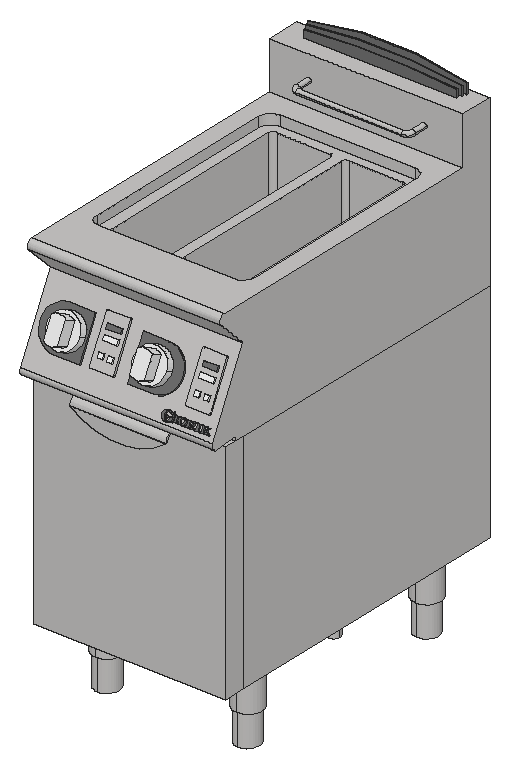
Revit family "QF_GIORIK_FE7207M", category Specialty Equipment, Revit 2014
Parameters (values of type "FE7207M")
  Weight in Pounds = 136.6864
  Watts = 14000 W
  Volts = 400 V
  URL Cutsheet = "www.giorik.com"
  URL = "www.giorik.com"
  Status [instance] = ""
  Specification by User [instance] = ""
  Specification by Manufacturer = ""
  Show Logo [instance] = yes
  Show Clearance [instance] = yes
  Serial Number = ""
  Seismic Rating = ""
  SMACNA No = ""
  Revision Code [instance] = ""
  Phase = 3
  Number of Poles [instance] = 3
  NAFEM Spec ID Number = ""
  Model = "FE7207M"
  Min Ckt Ampacity = 0 A
  Max Overcurrent Protection = 0 A
  Masterspec = ""
  Manufacturer = "GIORIK"
  Item Number [instance] = ""
  Installed By [instance] = ""
  Identify Quantity as Lot [instance] = no
  HP = "18.774280000000"
  Furnished By [instance] = ""
  Foodservice Equipment Identifier [instance] = yes
  FL Amps = 0 A
  Electrical Remarks [instance] = ""
  Electric Connection Type [instance] = ""
  Elec Conn RI Height [instance] = 0 mm
  Elec Conn Connection Height [instance] = 150 mm
  Description = "8+8 LITRE MELTING ELECTRIC FRYER."
  Cycle = 50 Hz
  Conn Plug = ""
  CSI MasterFormat = ""
  Assembly Code = "E1090320"
  Apparent Power = 14000 VA
Reference planes
  plane 1 "Back": y = 0
  plane 2: z = 0
  plane 3 "Left": x = 0
  plane 4 "Right": x = 400
  plane 5 "Front": y = -720
  plane 6 "Top": z = 900
Forms (mm)
  Extrusion 1, solid, visible <- "Show Logo"
    sketch origin (196.604, -736.761, 609.486) x (-1, 0, 0) y (0, 0.452718, 0.891654)
      loop
        line (-118.824, 58.358) -> (-127.804, 58.358) -> (-125.523, 56.445) -> (-125.523, 48.027) -> (-127.804, 46.113) -> (-118.824, 46.113) -> (-121.105, 48.027) -> (-121.105, 56.445) -> (-118.824, 58.358)
      loop
        line (-163.721, 58.358) -> (-172.7, 58.358) -> (-170.42, 56.445) -> (-170.42, 48.027) -> (-172.7, 46.113) -> (-163.721, 46.113) -> (-166.001, 48.027) -> (-166.001, 56.445) -> (-163.721, 58.358)
      loop
        line (-174.332, 58.358) -> (-183.312, 58.358) -> (-181.031, 56.445) -> (-181.031, 52.435) -> (-186.419, 56.955) -> (-184.416, 58.358) -> (-191.268, 58.358) -> (-188.01, 56.839) -> (-185.455, 54.283) -> (-190.846, 47.858) -> (-193.396, 46.93) -> (-193.396, 46.113) -> (-184.416, 46.113) -> (-185.437, 47.571) -> (-182.443, 51.552) -> (-181.031, 50.894) -> (-181.031, 48.027) -> (-183.312, 46.113) -> (-174.332, 46.113) -> (-176.613, 48.027) -> (-176.613, 56.445) -> (-174.332, 58.358)
      loop
        line (-115.429, 62.063) -> (-115.429, 54.198)
        arc (-115.429, 54.198) -> (-111.618, 57.803) -> (-106.847, 59.986) r 16.039
        arc (-106.847, 59.986) -> (-103.314, 59.837) -> (-100.512, 57.68) r 5.851
        arc (-100.512, 57.68) -> (-98.815, 52.267) -> (-100.512, 46.853) r 9.479
        arc (-100.512, 46.853) -> (-102.406, 44.986) -> (-104.846, 43.93) r 7.236
        arc (-104.846, 43.93) -> (-107.728, 44.111) -> (-110.052, 45.825) r 5.11
        line (-110.052, 45.825) -> (-110.052, 52.001) -> (-116.141, 52.001) -> (-116.141, 45.503) -> (-117.893, 43.751) -> (-114.094, 44.769)
        arc (-114.094, 44.769) -> (-112.56, 44.947) -> (-111.129, 44.366) r 3.115
        arc (-111.129, 44.366) -> (-104.216, 42.091) -> (-97.303, 44.366) r 11.641
        arc (-97.303, 44.366) -> (-93.396, 52.107) -> (-97.303, 59.849) r 9.622
        arc (-97.303, 59.849) -> (-104.369, 62.174) -> (-111.435, 59.849) r 11.898
        line (-111.435, 59.849) -> (-115.429, 62.063)
      loop
        arc (-129.234, 56.068) -> (-135.893, 58.628) -> (-142.552, 56.068) r 9.941
        arc (-142.552, 56.068) -> (-144.234, 52.286) -> (-142.552, 48.505) r 5.093
        arc (-142.552, 48.505) -> (-135.893, 45.945) -> (-129.234, 48.505) r 9.941
        arc (-129.234, 48.505) -> (-127.552, 52.286) -> (-129.234, 56.068) r 5.093
      loop
        arc (-132.628, 54.403) -> (-135.893, 57.668) -> (-139.158, 54.403) r 3.265
        line (-139.158, 54.403) -> (-139.158, 50.169)
        arc (-139.158, 50.169) -> (-135.893, 46.904) -> (-132.628, 50.169) r 3.265
        line (-132.628, 50.169) -> (-132.628, 54.403)
      loop
        arc (-156.363, 58.365) -> (-159.647, 55.081) -> (-156.363, 51.796) r 3.285
        line (-156.363, 51.796) -> (-159.529, 47.306) -> (-162.087, 46.113) -> (-155.847, 46.113) -> (-153.529, 51.083) -> (-150.637, 51.083) -> (-150.637, 47.784) -> (-153.022, 46.113) -> (-144.011, 46.113) -> (-146.094, 47.68) -> (-146.094, 56.493) -> (-144.229, 58.365) -> (-156.363, 58.365)
      loop
        line (-150.637, 57.512) -> (-153.637, 57.512)
        arc (-153.637, 57.512) -> (-156.237, 54.912) -> (-153.637, 52.312) r 2.6
        line (-153.637, 52.312) -> (-150.637, 52.312) -> (-150.637, 57.512)
      loop
        line (-108.924, 52.001) -> (-104.936, 49.005) -> (-100.948, 52.001) -> (-108.924, 52.001)
    from 1.5 to -0.5
  Extrusion 2, solid
    sketch origin (-16, 1025.81, 0) x (1, 0, 0) y (0, 1, 0)
      loop
        line (25, -1086.81) -> (25, -1156.81) -> (115, -1156.81) -> (115, -1086.81) -> (25, -1086.81)
    from 148 to 150
  Extrusion 3, solid
    sketch origin (0, 1000, -20) x (0, 1, 0) y (0, 0, 1)
      loop
        line (-1000, 989.988) -> (-1070, 989.988) -> (-1070, 889.988) -> (-1688.806, 889.988)
        arc (-1688.806, 889.988) -> (-1699.151, 883.075) -> (-1696.724, 870.873) r 11.197
        line (-1696.724, 870.873) -> (-1640.876, 815.025) -> (-1718.948, 661.258)
        arc (-1718.948, 661.258) -> (-1718.233, 650.105) -> (-1708.118, 645.354) r 10.981
        line (-1708.118, 645.354) -> (-1660, 649.925) -> (-1660, 640) -> (-1000, 640) -> (-1000, 989.988)
    from 0 to 400
  Extrusion 4, solid
    sketch origin (0, 0, 599.536) x (1, 0, 0) y (0, 1, 0)
      loop
        line (0, -640) -> (40, -640) -> (40, -40) -> (360, -40) -> (360, -640) -> (400, -640) -> (400, 0) -> (0, 0) -> (0, -640)
    from -449.536 to 20.464
  Extrusion 5, solid
    sketch origin (0, 0, 0) x (1, 0, 0) y (0, 1, 0)
      loop
        line (40, -40) -> (40, -640) -> (360, -640) -> (360, -40) -> (40, -40)
    from 150 to 190
  Extrusion 6, solid
    sketch origin (-16, 560.81, 0) x (1, 0, 0) y (0, 1, 0)
      loop
        line (25, -1086.81) -> (25, -1156.81) -> (115, -1156.81) -> (115, -1086.81) -> (25, -1086.81)
    from 148 to 150
  Revolve 7, solid
    sketch origin (54, 560.81, 0) x (0, 1, 0) y (0, 0, 1)
      loop
        line (-1092.56, 66) -> (-1092.56, 148) -> (-1121.81, 148) -> (-1121.81, 0) -> (-1096.81, 0) -> (-1096.81, 66) -> (-1092.56, 66)
      axis (-1121.81, 0) -> (-1121.81, 148)
    angle from 0 to 360
  Revolve 8, solid
    sketch origin (54, 1025.81, 0) x (0, 1, 0) y (0, 0, 1)
      loop
        line (-1092.56, 66) -> (-1092.56, 148) -> (-1121.81, 148) -> (-1121.81, 0) -> (-1096.81, 0) -> (-1096.81, 66) -> (-1092.56, 66)
      axis (-1121.81, 0) -> (-1121.81, 148)
    angle from 0 to 360
  Extrusion 9, solid
    sketch origin (416, 560.81, 0) x (-1, 0, 0) y (0, -1, 0)
      loop
        line (25, 1086.81) -> (115, 1086.81) -> (115, 1156.81) -> (25, 1156.81) -> (25, 1086.81)
    from 148 to 150
  Revolve 10, solid
    sketch origin (346, 560.81, 0) x (0, 1, 0) y (0, 0, -1)
      loop
        line (-1092.56, -66) -> (-1096.81, -66) -> (-1096.81, 0) -> (-1121.81, 0) -> (-1121.81, -148) -> (-1092.56, -148) -> (-1092.56, -66)
      axis (-1121.81, 0) -> (-1121.81, -148)
    angle from 0 to 360
  Extrusion 11, solid
    sketch origin (416, -1217.81, 0) x (-1, 0, 0) y (0, -1, 0)
      loop
        line (25, -1086.81) -> (25, -1156.81) -> (115, -1156.81) -> (115, -1086.81) -> (25, -1086.81)
    from 148 to 150
  Revolve 12, solid
    sketch origin (346, -1217.81, 0) x (0, -1, 0) y (0, 0, 1)
      loop
        line (-1092.56, 66) -> (-1092.56, 148) -> (-1121.81, 148) -> (-1121.81, 0) -> (-1096.81, 0) -> (-1096.81, 66) -> (-1092.56, 66)
      axis (-1121.81, 0) -> (-1121.81, 148)
    angle from 0 to 360
  Extrusion 13, solid
    sketch origin (-353.221, -963.345, 52.363) x (1, 0, 0) y (0, 0.452718, 0.891654)
      loop
        line (463.221, 676.25) -> (463.221, 766.25) -> (409.698, 766.25)
        arc (409.698, 766.25) -> (364.698, 721.25) -> (409.698, 676.25) r 45
        line (409.698, 676.25) -> (463.221, 676.25)
    from 48 to 50
  Extrusion 14, solid
    sketch origin (421.331, -1008.697, 74.959) x (-1, 0, 0) y (0, -0.45351, -0.891251)
      loop
        circle (351.331, -721.346) r 35
    from 0 to 15
  Extrusion 15, solid
    sketch origin (421.331, -1008.697, 74.959) x (-1, 0, 0) y (0, -0.45351, -0.891251)
      loop
        arc (336.331, -743.846) -> (351.331, -748.846) -> (366.331, -743.846) r 25
        line (366.331, -743.846) -> (366.331, -698.846)
        arc (366.331, -698.846) -> (351.331, -693.846) -> (336.331, -698.846) r 25
        line (336.331, -698.846) -> (336.331, -743.846)
    from 15 to 40
  Extrusion 16, solid
    sketch origin (-94, 0, 59.999) x (1, 0, 0) y (0, 0, 1)
      loop
        line (135, 909.989) -> (453, 909.989) -> (453, 925.527) -> (347.056, 931.749) -> (240.944, 931.749) -> (135, 925.527) -> (135, 909.989)
    from 32 to 35
  Extrusion 17, solid
    sketch origin (-92, 10, 59.999) x (1, 0, 0) y (0, 0, 1)
      loop
        line (454, 909.989) -> (454, 928.527) -> (346.162, 939.193) -> (237.838, 939.193) -> (130, 928.527) -> (130, 909.989) -> (454, 909.989)
    from 32 to 35
  Extrusion 18, solid
    sketch origin (-90, 20, 59.999) x (1, 0, 0) y (0, 0, 1)
      loop
        line (455, 909.989) -> (455, 930.527) -> (345.396, 947.413) -> (234.604, 947.413) -> (125, 930.527) -> (125, 909.989) -> (455, 909.989)
    from 32 to 35
  Extrusion 19, void
    sketch origin (0, 0, 819.988) x (0, 1, 0) y (-1, 0, 0)
      loop
        arc (-120, -60) -> (-127.322, -42.322) -> (-145, -35) r 25
        line (-145, -35) -> (-565.002, -35)
        arc (-565.002, -35) -> (-582.68, -42.322) -> (-590.002, -60) r 25
        line (-590.002, -60) -> (-590.002, -340)
        arc (-590.002, -340) -> (-582.68, -357.678) -> (-565.002, -365) r 25
        line (-565.002, -365) -> (-145, -365)
        arc (-145, -365) -> (-127.322, -357.678) -> (-120, -340) r 25
        line (-120, -340) -> (-120, -60)
    from -100 to 50
  Extrusion 20, solid
    sketch origin (0, 0, 900) x (0, 1, 0) y (-1, 0, 0)
      loop
        arc (-120, -60) -> (-127.322, -42.322) -> (-145, -35) r 25
        line (-145, -35) -> (-565.002, -35)
        arc (-565.002, -35) -> (-582.68, -42.322) -> (-590.002, -60) r 25
        line (-590.002, -60) -> (-590.002, -340)
        arc (-590.002, -340) -> (-582.68, -357.678) -> (-565.002, -365) r 25
        line (-565.002, -365) -> (-145, -365)
        arc (-145, -365) -> (-127.322, -357.678) -> (-120, -340) r 25
        line (-120, -340) -> (-120, -60)
      loop
        arc (-140, -70) -> (-142.929, -62.929) -> (-150, -60) r 10
        line (-150, -60) -> (-555.002, -60)
        arc (-555.002, -60) -> (-562.073, -62.929) -> (-565.002, -70) r 10
        line (-565.002, -70) -> (-565.002, -180)
        arc (-565.002, -180) -> (-562.073, -187.071) -> (-555.002, -190) r 10
        line (-555.002, -190) -> (-150, -190)
        arc (-150, -190) -> (-142.929, -187.071) -> (-140, -180) r 10
        line (-140, -180) -> (-140, -70)
      loop
        line (-140, -330) -> (-140, -220)
        arc (-140, -220) -> (-142.929, -212.929) -> (-150, -210) r 10
        line (-150, -210) -> (-555.002, -210)
        arc (-555.002, -210) -> (-562.073, -212.929) -> (-565.002, -220) r 10
        line (-565.002, -220) -> (-565.002, -330)
        arc (-565.002, -330) -> (-562.073, -337.071) -> (-555.002, -340) r 10
        line (-555.002, -340) -> (-150, -340)
        arc (-150, -340) -> (-142.929, -337.071) -> (-140, -330) r 10
    from -180.012 to -50
  Extrusion 21, solid
    sketch origin (673.221, -963.345, 52.363) x (-1, 0, 0) y (0, -0.452718, -0.891654)
      loop
        line (463.221, -676.25) -> (409.698, -676.25)
        arc (409.698, -676.25) -> (364.698, -721.25) -> (409.698, -766.25) r 45
        line (409.698, -766.25) -> (463.221, -766.25) -> (463.221, -676.25)
    from 48 to 50
  Extrusion 22, solid
    sketch origin (-101.331, -1008.697, 74.959) x (1, 0, 0) y (0, 0.45351, 0.891251)
      loop
        circle (351.331, 721.346) r 35
    from 0 to 15
  Extrusion 23, solid
    sketch origin (-101.331, -1008.697, 74.959) x (1, 0, 0) y (0, 0.45351, 0.891251)
      loop
        line (336.331, 743.846) -> (336.331, 698.846)
        arc (336.331, 698.846) -> (351.331, 693.846) -> (366.331, 698.846) r 25
        line (366.331, 698.846) -> (366.331, 743.846)
        arc (366.331, 743.846) -> (351.331, 748.846) -> (336.331, 743.846) r 25
    from 15 to 40
  Extrusion 24, solid
    sketch origin (0, -725, 0) x (1, 0, 0) y (0, 0, 1)
      loop
        line (0, 620) -> (0, 150) -> (400, 150) -> (400, 620) -> (0, 620)
    from -85 to -40
  Extrusion 25, solid
    sketch origin (2.5, -725, -20.1) x (0, 1, 0) y (0, 0, 1)
      loop
        arc (25, 640.1) -> (14.393, 635.707) -> (10, 625.1) r 15
        line (10, 625.1) -> (12, 625.1)
        arc (12, 625.1) -> (15.808, 634.292) -> (25, 638.1) r 13
        line (25, 638.1) -> (40, 638.1) -> (40, 640.1) -> (25, 640.1)
    from 97.5 to 297.5
  Extrusion 26, solid
    sketch origin (2.5, -724.905, -20.1) x (1, 0, 0) y (0, 0, 1)
      loop
        arc (97.5, 625.1) -> (197.5, 590.089) -> (297.5, 625.1) r 160.316
        line (297.5, 625.1) -> (97.5, 625.1)
    from -11.905 to -9.905
  Extrusion 27, solid, visible <- "Show Clearance", detail levels coarse
    sketch origin (395, -725, 0) x (-1, 0, 0) y (0, -1, 0)
      loop
        line (-5, -40) -> (395, -40)
        arc (395, -40) -> (277.534, 241.069) -> (-5, 354.968) r 395
        line (-5, 354.968) -> (-5, -40)
    from 150 to 620
  Extrusion 28, solid
    sketch origin (0, 0, 100) x (0, 1, 0) y (-1, 0, 0)
      loop
        circle (-380, -380) r 12.5
    from 30 to 50
  Extrusion 29, solid
    sketch origin (-195.308, -1033.637, 22.13) x (1, 0, 0) y (0, 0.453086, 0.891467)
      loop
        arc (527.687, 837.056) -> (525.919, 836.323) -> (525.187, 834.556) r 2.5
        line (525.187, 834.556) -> (525.187, 739.556)
        arc (525.187, 739.556) -> (525.919, 737.788) -> (527.687, 737.056) r 2.5
        line (527.687, 737.056) -> (572.687, 737.056)
        arc (572.687, 737.056) -> (574.454, 737.788) -> (575.187, 739.556) r 2.5
        line (575.187, 739.556) -> (575.187, 834.556)
        arc (575.187, 834.556) -> (574.454, 836.323) -> (572.687, 837.056) r 2.5
        line (572.687, 837.056) -> (527.687, 837.056)
    from 0 to 2
  Extrusion 30, solid
    sketch origin (-193.351, -1027.435, 34.333) x (1, 0, 0) y (0, 0.453086, 0.891467)
      loop
        line (533.229, 803.367) -> (533.229, 793.367) -> (563.229, 793.367) -> (563.229, 803.367) -> (533.229, 803.367)
    from 0 to 3
  Extrusion 31, solid
    sketch origin (-193.351, -1029.701, 29.876) x (1, 0, 0) y (0, 0.453086, 0.891467)
      loop
        line (533.229, 758.367) -> (533.229, 748.367) -> (543.229, 748.367) -> (543.229, 758.367) -> (533.229, 758.367)
    from 0 to 3
  Extrusion 32, solid
    sketch origin (-193.351, -1036.497, 16.504) x (1, 0, 0) y (0, 0.453086, 0.891467)
      loop
        line (533.229, 803.367) -> (533.229, 793.367) -> (563.229, 793.367) -> (563.229, 803.367) -> (533.229, 803.367)
    from 0 to 3
  Extrusion 33, solid
    sketch origin (-173.351, -1029.701, 29.876) x (1, 0, 0) y (0, 0.453086, 0.891467)
      loop
        line (533.229, 758.367) -> (533.229, 748.367) -> (543.229, 748.367) -> (543.229, 758.367) -> (533.229, 758.367)
    from 0 to 3
  Extrusion 34, solid
    sketch origin (-395.308, -1033.637, 22.13) x (1, 0, 0) y (0, 0.453086, 0.891467)
      loop
        arc (527.687, 837.056) -> (525.919, 836.323) -> (525.187, 834.556) r 2.5
        line (525.187, 834.556) -> (525.187, 739.556)
        arc (525.187, 739.556) -> (525.919, 737.788) -> (527.687, 737.056) r 2.5
        line (527.687, 737.056) -> (572.687, 737.056)
        arc (572.687, 737.056) -> (574.454, 737.788) -> (575.187, 739.556) r 2.5
        line (575.187, 739.556) -> (575.187, 834.556)
        arc (575.187, 834.556) -> (574.454, 836.323) -> (572.687, 837.056) r 2.5
        line (572.687, 837.056) -> (527.687, 837.056)
    from 0 to 2
  Extrusion 35, solid
    sketch origin (-393.351, -1027.435, 34.333) x (1, 0, 0) y (0, 0.453086, 0.891467)
      loop
        line (533.229, 803.367) -> (533.229, 793.367) -> (563.229, 793.367) -> (563.229, 803.367) -> (533.229, 803.367)
    from 0 to 3
  Extrusion 36, solid
    sketch origin (-393.351, -1029.701, 29.876) x (1, 0, 0) y (0, 0.453086, 0.891467)
      loop
        line (533.229, 758.367) -> (533.229, 748.367) -> (543.229, 748.367) -> (543.229, 758.367) -> (533.229, 758.367)
    from 0 to 3
  Extrusion 37, solid
    sketch origin (-393.351, -1036.497, 16.504) x (1, 0, 0) y (0, 0.453086, 0.891467)
      loop
        line (533.229, 803.367) -> (533.229, 793.367) -> (563.229, 793.367) -> (563.229, 803.367) -> (533.229, 803.367)
    from 0 to 3
  Extrusion 38, solid
    sketch origin (-373.351, -1029.701, 29.876) x (1, 0, 0) y (0, 0.453086, 0.891467)
      loop
        line (533.229, 758.367) -> (533.229, 748.367) -> (543.229, 748.367) -> (543.229, 758.367) -> (533.229, 758.367)
    from 0 to 3
  Sweep 39, solid
    path origin (0, 0, 919.988) x (0, 1, 0) y (-1, 0, 0)
      loop
        line (-70, -80) -> (-100, -80)
        arc (-100, -80) -> (-107.071, -82.929) -> (-110, -90) r 10
        line (-110, -90) -> (-110, -310)
        arc (-110, -310) -> (-107.071, -317.071) -> (-100, -320) r 10
        line (-100, -320) -> (-70, -320)
    profile origin (80, -85, 919.988) x (1, 0, 0) y (0, 0, 1)
      loop
        circle (0, 0) r 5
Cuts and joins
  Extrusion 19 cuts Extrusion 3
Lines and regions (mm)
  symbolic lines, style "200-EquipBorder-2D"
    curve 1: line (0, -720, 0) -> (400, -720, 0)
    curve 2: line (400, -720, 0) -> (400, 0, 0)
    curve 3: line (400, 0, 0) -> (0, 0, 0)
    curve 4: line (0, 0, 0) -> (0, -720, 0)
  symbolic lines, style "200-EquipInternal-2D"
    curve 5: line (0, -70, 900) -> (400, -70, 900)
    curve 6: line (35, -12, 900) -> (365, -12, 900)
    curve 7: line (365, -12, 900) -> (365, -15, 900)
    curve 8: line (365, -15, 900) -> (35, -15, 900)
    curve 9: line (35, -15, 900) -> (35, -12, 900)
    curve 10: line (38, -22, 900) -> (362, -22, 900)
    curve 11: line (362, -22, 900) -> (362, -25, 900)
    curve 12: line (362, -25, 900) -> (38, -25, 900)
    curve 13: line (38, -25, 900) -> (38, -22, 900)
    curve 14: line (41, -32, 900) -> (359, -32, 900)
    curve 15: line (359, -32, 900) -> (359, -35, 900)
    curve 16: line (359, -35, 900) -> (41, -35, 900)
    curve 17: line (41, -35, 900) -> (41, -32, 900)
    curve 18: line (340, -120, 900) -> (60, -120, 900)
    curve 19: arc (60, -120, 900) -> (42.322, -127.322, 900) -> (35, -145, 900) r 25
    curve 20: line (35, -145, 900) -> (35, -565, 900)
    curve 21: arc (365, -145, 900) -> (357.678, -127.322, 900) -> (340, -120, 900) r 25
    curve 22: arc (340, -590, 900) -> (357.633, -582.723, 900) -> (365, -565.128, 900) r 25
    curve 23: line (60, -590, 900) -> (340, -590, 900)
    curve 24: arc (35, -565, 900) -> (42.322, -582.678, 900) -> (60, -590, 900) r 25
    curve 25: line (365, -565.128, 900) -> (365, -145, 900)
    curve 28: line (70, -140, 900) -> (180, -140, 900)
    curve 29: line (210, -555.002, 900) -> (210, -150, 900)
    curve 30: line (190, -150, 900) -> (190, -555.002, 900)
    curve 31: line (60, -555.002, 900) -> (60, -150, 900)
    curve 32: line (220, -140, 900) -> (330, -140, 900)
    curve 33: line (340, -150, 900) -> (340, -555.002, 900)
    curve 34: line (330, -565.002, 900) -> (220, -565.002, 900)
    curve 35: line (180, -565.002, 900) -> (70, -565.002, 900)
    curve 36: arc (70, -140, 900) -> (62.929, -142.929, 900) -> (60, -150, 900) r 10
    curve 37: arc (180, -140, 900) -> (187.071, -142.929, 900) -> (190, -150, 900) r 10
    curve 38: arc (210, -150, 900) -> (212.929, -142.929, 900) -> (220, -140, 900) r 10
    curve 39: arc (330, -140, 900) -> (337.071, -142.929, 900) -> (340, -150, 900) r 10
    curve 40: arc (60, -555.002, 900) -> (62.929, -562.073, 900) -> (70, -565.002, 900) r 10
    curve 41: arc (180, -565.002, 900) -> (187.071, -562.073, 900) -> (190, -555.002, 900) r 10
    curve 42: arc (340, -555.002, 900) -> (337.071, -562.073, 900) -> (330, -565.002, 900) r 10
    curve 43: arc (220, -565.002, 900) -> (212.929, -562.073, 900) -> (210, -555.002, 900) r 10
    curve 44: line (75, -70, 900) -> (75, -99.667, 900)
    curve 45: line (85, -100, 900) -> (85, -70, 900)
    curve 46: line (89.989, -104.989, 900) -> (310.27, -104.989, 900)
    curve 47: line (315.032, -100.227, 900) -> (315.032, -70, 900)
    curve 48: line (325.032, -70, 900) -> (325.032, -100.301, 900)
    curve 49: line (310.333, -115, 900) -> (90.333, -115, 900)
    curve 50: arc (90.333, -115, 900) -> (79.491, -110.509, 900) -> (75, -99.667, 900) r 15.333
    curve 51: arc (85, -100, 900) -> (86.461, -103.528, 900) -> (89.989, -104.989, 900) r 4.989
    curve 52: arc (310.333, -115, 900) -> (320.727, -110.695, 900) -> (325.032, -100.301, 900) r 14.699
    curve 53: arc (315.032, -100.227, 900) -> (313.637, -103.594, 900) -> (310.27, -104.989, 900) r 4.762
  symbolic lines, style "QF_Door-Drawer Clearances", visible <- "Show Clearance", detail levels coarse
    curve 26: arc (400, -1079.968, 0) -> (130.204, -978.101, 0) -> (1.554, -720, 0) r 395
    curve 27: line (400, -720, 0) -> (400, -1079.968, 0)
Dimensions and locks
  plane 3 "Left" to plane 4 "Right" = 400 mm
  plane 5 "Front" to plane 1 "Back" = 720 mm
  plane 4 "Right" to plane 3 "Left" = 400 mm
  plane 1 "Back" to plane 5 "Front" = 720 mm
  plane 6 "Top" to level = 900 mm  (x2)
  aligned and locked: level to plane 2
Connectors
  electrical at (380, -380, 130), driven by "Apparent Power", driven by "Volts", driven by "Number of Poles"
    settings: on Extrusion 28, index 1, voltage 400 V, apparent load 0 VA, apparent load phase1 14000 VA, apparent load phase2 0 VA, apparent load phase3 0 VA, power factor 1, load classification "Other", number of poles 3, system type 31, power factor state 1, is connector primary yes, connector utility no, sub classification motor no, connector description "Electrical connection"
